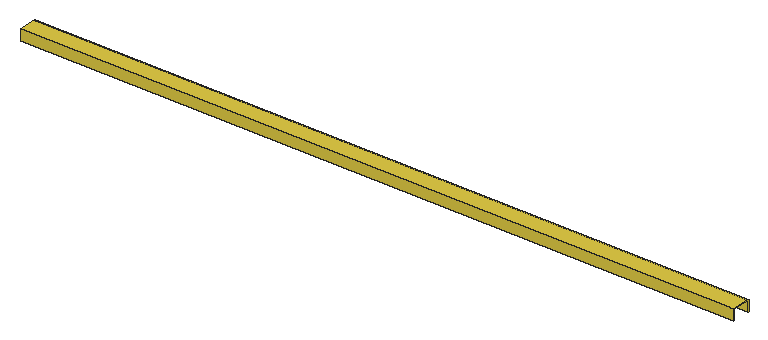
Revit family "GW_上部ガリッドランナー t=1.0", category 一般モデル, Revit 2021
Family settings
  鉄筋をホスト可能 = いいえ
  丸型コネクタ寸法 = 直径を使用
  パーツ タイプ = 標準
  作業面ベース = いいえ
  常に垂直 = はい
  ロード時にボイドで切り取り = いいえ
  共有 = いいえ
  部屋計算ポイント = いいえ
Parameters
  長さ [instance] = 4000.0 mm
  製造元 = "双日建材株式会社"
  既定の高さ = 0.0 mm
  マテリアル = ランナーt=1.0
  t = 1.0 mm
  H = 102.0 mm
  A = 60.0 mm
Reference planes
  plane 1 "中心(正面/背面)": y = 0
  plane 2: z = 0
  plane 3 "中心(左/右)": x = 0
  plane 4: y = 51
  plane 5: y = -51
  plane 6: y = -50
  plane 7: y = 50
  plane 8: z = -60
  plane 9: x = 4000
  plane 10: z = -1
Forms (mm)
  Extrusion 1, solid, material "ランナーt=1.0" <- "マテリアル"
    sketch origin (0, 0, 0) x (0, 1, 0) y (0, 0, 1)
      loop
        line (-51, -60) -> (-50, -60) -> (-50, -1) -> (50, -1) -> (50, -60) -> (51, -60) -> (51, 0) -> (-51, 0) -> (-51, -60)
    from 0 to 4000
Dimensions and locks
  "H": plane 5 to plane 4
  equal spacing: plane 5, plane 1 "中心(正面/背面)", plane 4
  "t": plane 7 to plane 4
  "t": plane 5 to plane 6
  "長さ": plane 3 "中心(左/右)" to plane 9
  "A": level to plane 8
  "t": level to plane 10
  aligned and locked: level to plane 2
  aligned and locked: plane 8 to Extrusion 1 sketch curve  (x2)
  aligned and locked: plane 6 to Extrusion 1 sketch curve
  aligned and locked: Extrusion 1 sketch curve to plane 5
  aligned and locked: plane 10 to Extrusion 1 sketch curve
  aligned and locked: Extrusion 1 sketch curve to level
  aligned and locked: plane 4 to Extrusion 1 sketch curve
  aligned and locked: Extrusion 1 sketch curve to plane 7
  aligned and locked: plane 9 to Extrusion 1
  aligned and locked: Extrusion 1 to plane 3 "中心(左/右)"
